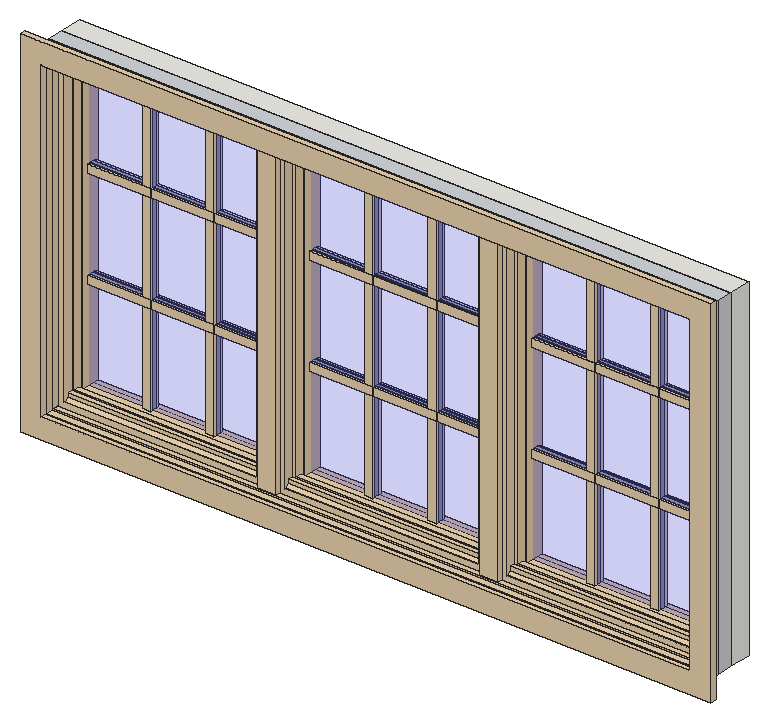
Revit family "1 Window-Casement-Andersen-400_Series_Triple", category Windows, host Wall, Revit 2014 (continued)
Definition of nested family "Andersen_Sash_Panel"
  Dimensions and locks (in)
    aligned and locked: plane 11 "GlazingB" to Split face 7 sketch curve
    aligned and locked: Split face 8 sketch curve to plane 10 "GlazingA"
    aligned and locked: Split face 8 sketch curve to plane 11 "GlazingB"
    aligned and locked: curve 2 to plane 11 "GlazingB"
    aligned and locked: plane 7 "Glazing Bottom" to curve 3
    aligned and locked: plane 10 "GlazingA" to curve 3
    aligned and locked: plane 9 "Glazing Top" to curve 4
    aligned and locked: plane 11 "GlazingB" to curve 4
    aligned and locked: plane 6 "Glazing Left" to curve 6
    aligned and locked: plane 8 "Glazing Right" to curve 6
    aligned and locked: Split face 5 to plane 10 "GlazingA"
    aligned and locked: plane 9 "Glazing Top" to nested 1
    aligned and locked: plane 9 "Glazing Top" to nested 2
    aligned and locked: curve 13 to plane 12 "Back"
    aligned and locked: curve 16 to plane 5 "Right"
    aligned and locked: plane 8 "Glazing Right" to curve 14
    aligned and locked: curve 15 to plane 1 "Front"
    aligned and locked: curve 12 to plane 6 "Glazing Left"
    aligned and locked: plane 3 "Left" to curve 10
    aligned and locked: curve 11 to plane 1 "Front"
    aligned and locked: curve 9 to plane 12 "Back"
    aligned and locked: plane 9 "Glazing Top" to nested 3
    aligned and locked: plane 6 "Glazing Left" to nested 4
    aligned and locked: nested 6 to plane 6 "Glazing Left"
    aligned and locked: nested 5 to plane 6 "Glazing Left"
    aligned and locked: plane 6 "Glazing Left" to nested 7
  Automatic sketch dimensions
    Split face 1 sketch curve to Extrusion 1 = 0' - 0"  (x2)
    Split face 2 sketch curve to Extrusion 1 = 0' - 0"
    Extrusion 1 to Split face 2 sketch curve = 0' - 0"
    Extrusion 1 to Split face 3 sketch curve = 0' - 0"
    Split face 3 sketch curve to Extrusion 1 = 0' - 0"
    Split face 4 sketch curve to Extrusion 1 = 0' - 0"  (x2)
    Split face 5 sketch curve to Extrusion 1 = 0' - 0"  (x4)
    Split face 6 sketch curve to Extrusion 1 = 0' - 0"  (x2)
    Extrusion 1 to Split face 6 sketch curve = 0' - 0"  (x2)
    Extrusion 1 to Split face 7 sketch curve = 0' - 0"  (x2)
    Split face 7 sketch curve to Extrusion 1 = 0' - 0"  (x2)
    Split face 8 sketch curve to Extrusion 1 = 0' - 0"  (x4)
    curve 1 to plane 10 "GlazingA" = 0' - 0"
    curve 7 to plane 9 "Glazing Top" = 0' - 0"
    curve 3 to plane 9 "Glazing Top" = 0' - 0"
    curve 8 to plane 9 "Glazing Top" = 0' - 0"
    curve 7 to plane 7 "Glazing Bottom" = 0' - 0"
    curve 4 to plane 7 "Glazing Bottom" = 0' - 0"
    curve 8 to plane 7 "Glazing Bottom" = 0' - 0"
  Nested families (in)
    nested 1: "Andersen_Grille_Bar" at (8.15885, 0.65234, 17.40625) x (1, 0, 0) z (0, -1, 0), Bar Width <- "GrilleBarSize", Bar Length <- "BarLengthVertical", visible <- "MultipleVertBar Visibility", type "Andersen_Grille_Bar"
      with Center Line Length 2' - 7 7/8", Center Line 1, Bar Width 0' - 0 7/8", Bar Length 2' - 7 7/16"
    nested 2: "Andersen_Grille_Bar" at (15.00521, 0.65234, 17.40625) x (1, 0, 0) z (0, -1, 0), Bar Width <- "GrilleBarSize", Bar Length <- "BarLengthVertical", visible <- "MultipleVertBar Visibility", type "Andersen_Grille_Bar"
      with Center Line Length 2' - 7 7/8", Center Line 1, Bar Width 0' - 0 7/8", Bar Length 2' - 7 7/16"
    nested 3: "Andersen_Grille_Bar" at (11.58203, 0.65234, 17.40625) x (1, 0, 0) z (0, -1, 0), Bar Width <- "GrilleBarSize", visible <- "SingleVertBarVisibility", Bar Length <- "BarLengthVertical", type "Andersen_Grille_Bar"
      with Center Line Length 2' - 7 7/8", Center Line 1, Bar Width 0' - 0 7/8", Bar Length 2' - 7 7/16"
    nested 4: "Andersen_Grille_Bar" at (11.58203, 0.65234, 17.40625) x (0, 0, -1) z (0, -1, 0), Bar Width <- "GrilleBarSize", Bar Length <- "BarLengthHorizontal", visible <- "SingleHorBarVisibility", type "Andersen_Grille_Bar"
      with Center Line Length 1' - 8 13/128", Center Line 1, Bar Width 0' - 0 7/8", Bar Length 1' - 7 85/128"
    nested 5: "Andersen_Grille_Bar" at (11.58203, 0.65234, 12.02083) x (0, 0, 1) z (0, -1, 0), Bar Width <- "GrilleBarSize", Bar Length <- "BarLengthHorizontal", visible <- "MultipleHorBarVisibility", type "Andersen_Grille_Bar"
      with Center Line Length 1' - 8 13/128", Center Line 1, Bar Width 0' - 0 7/8", Bar Length 1' - 7 85/128"
    nested 6: "Andersen_Grille_Bar" at (11.58203, 0.65234, 22.79167) x (0, 0, 1) z (0, -1, 0), Bar Width <- "GrilleBarSize", Bar Length <- "BarLengthHorizontal", visible <- "MultipleHorBarVisibility", type "Andersen_Grille_Bar"
      with Center Line Length 1' - 8 13/128", Center Line 1, Bar Width 0' - 0 7/8", Bar Length 1' - 7 85/128"
    nested 7: "Andersen_Grille_Bar" at (11.58203, 0.65234, 25.48438) x (0, 0, -1) z (0, -1, 0), Bar Width <- "GrilleBarSize", Bar Length <- "BarLengthHorizontal", visible <- "S H Fractional", type "Andersen_Grille_Bar"
      with Center Line Length 1' - 8 13/128", Center Line 1, Bar Width 0' - 0 7/8", Bar Length 1' - 7 85/128"
  Definition of nested family "Andersen_Grille_Bar"
    Parameters (values of type "Andersen_Grille_Bar")
      Interior Bar Visibility = yes
      Interior Bar Thickness = 0' - 0 27/128"
      Interior Bar Material = Wood - Andersen - Pine
      Glass Pane Thickness = 0' - 0 1/8"
      Glass OA Thickness = 0' - 0 5/8"
      Exterior Bar Visibility = yes
      Exterior Bar Thickness = 0' - 0 27/128"
      Exterior Bar Finish = none
      Default Elevation = 4' - 0"
      Center Line Length [instance] = if(Center Line = 1, Bar Length + (Bar Width / 2), Bar Length)  # 0' - 4 7/16"
      Center Line [instance] = 1
      Between Glass Bar Visibility = yes
      Between Glass Bar Finish = Stainless Steel - Andersen - Standard
      Bar Width [instance] = 0' - 0 7/8"
      Bar Length [instance] = 0' - 4"
    Reference planes (in)
      plane 1 "Center (Front/Back)": y = 0
      plane 2 "a": z = 0
      plane 3 "Center (Left/Right)": x = 0
      plane 4 "1": x = -0.4375
      plane 5 "2": x = 0.4375
      plane 6: y = 2
      plane 7: y = -2
      plane 8 "b": z = -0.625
      plane 9: y = -2.4375
      plane 10 "a1": z = 12
      plane 11 "a2": z = -12
    Forms (in)
      Extrusion 1, solid
        sketch origin (0, 0, 0) x (1, 0, 0) y (0, 1, 0)
          loop
            line (-48, 48) -> (-48, -48) -> (48, -48) -> (48, 48) -> (-48, 48)
        from 0 to -12
      Extrusion 2, solid, material <- "Exterior Bar Finish", visible <- "Exterior Bar Visibility", detail levels fine
        sketch origin (0, 0, 0) x (1, 0, 0) y (0, 1, 0)
          loop
            line (-0.4375, 2) -> (-0.4375, -2) -> (0.4375, -2) -> (0.4375, 2) -> (-0.4375, 2)
        from 0 to 0.21094
      Extrusion 3, solid, material "Stainless Steel - Andersen - Standard" <- "Between Glass Bar Finish", visible <- "Between Glass Bar Visibility", detail levels fine
        sketch origin (0, 0, 0) x (1, 0, 0) y (0, 1, 0)
          loop
            line (-0.4375, 2) -> (-0.4375, -2) -> (0.4375, -2) -> (0.4375, 2) -> (-0.4375, 2)
        from -0.5 to -0.125
      Extrusion 4, solid, material "Wood - Andersen - Pine" <- "Interior Bar Material", visible <- "Interior Bar Visibility", detail levels fine
        sketch origin (0, 0, 0) x (1, 0, 0) y (0, 1, 0)
          loop
            line (-0.4375, 2) -> (-0.4375, -2) -> (0.4375, -2) -> (0.4375, 2) -> (-0.4375, 2)
        from -0.83594 to -0.625
    Lines and regions (in)
      model lines, style "GenericModel", detail levels coarse+medium
        curve 1: line (0, 2, 0) -> (0, -2.4375, 0)
      symbolic lines, style "GenericModel", detail levels coarse+medium
        curve 2: line (0, 2, 12) -> (0, -2.4375, 12)
    Dimensions and locks (in)
      "Glass OA Thickness": plane 2 "a" to plane 8 "b"
      "Exterior Bar Thickness": Extrusion 2 to Extrusion 2
      "Interior Bar Thickness": plane 8 "b" to Extrusion 4
      equal spacing: plane 4 "1", plane 3 "Center (Left/Right)", plane 5 "2"
      equal spacing: plane 6, plane 1 "Center (Front/Back)", plane 7
      "Bar Width": plane 4 "1" to plane 5 "2"
      "Bar Length": plane 6 to plane 7
      "Center Line Length": plane 6 to plane 9
      locked: plane 10 "a1" to plane 2 "a" at 12
      locked: plane 2 "a" to plane 11 "a2" at 12
      "Glass Pane Thickness": Extrusion 3 to plane 8 "b"
      "Glass Pane Thickness": plane 2 "a" to Extrusion 3
      aligned and locked: plane 2 "a" to Extrusion 1
      aligned and locked: level to Extrusion 1
      aligned and locked: Extrusion 2 to plane 2 "a"
      aligned and locked: Extrusion 2 to plane 4 "1"
      aligned and locked: plane 5 "2" to Extrusion 2
      aligned and locked: plane 6 to Extrusion 2
      aligned and locked: Extrusion 2 to plane 7
      aligned and locked: Extrusion 3 to plane 4 "1"
      aligned and locked: plane 5 "2" to Extrusion 3
      aligned and locked: plane 6 to Extrusion 3
      aligned and locked: Extrusion 3 to plane 7
      aligned and locked: plane 8 "b" to Extrusion 4
      aligned and locked: Extrusion 4 to plane 4 "1"
      aligned and locked: plane 5 "2" to Extrusion 4
      aligned and locked: plane 6 to Extrusion 4
      aligned and locked: Extrusion 4 to plane 7
      aligned and locked: plane 6 to curve 1
      aligned and locked: plane 9 to curve 1
      aligned and locked: curve 1 to plane 3 "Center (Left/Right)"
      aligned and locked: plane 6 to curve 2
      aligned and locked: plane 9 to curve 2
      aligned and locked: curve 2 to plane 3 "Center (Left/Right)"
    Automatic sketch dimensions
      Extrusion 1 sketch curve to Extrusion 1 sketch curve = 8' - 0"  (x2)
      plane 7 to Extrusion 2 sketch curve = 0' - 0"
      Extrusion 2 sketch curve to plane 5 "2" = 0' - 0 7/8"
      Extrusion 2 sketch curve to plane 6 = 0' - 0"
      Extrusion 2 sketch curve to Extrusion 2 sketch curve = 0' - 0 7/8"
      plane 7 to Extrusion 3 sketch curve = 0' - 0"
      Extrusion 3 sketch curve to plane 5 "2" = 0' - 0 7/8"
      Extrusion 3 sketch curve to plane 6 = 0' - 0"
      Extrusion 3 sketch curve to Extrusion 3 sketch curve = 0' - 0 7/8"
      Extrusion 4 sketch curve to plane 7 = 0' - 0"
      Extrusion 4 sketch curve to plane 5 "2" = 0' - 0 7/8"
      Extrusion 4 sketch curve to plane 6 = 0' - 0"
      Extrusion 4 sketch curve to Extrusion 4 sketch curve = 0' - 0 7/8"
